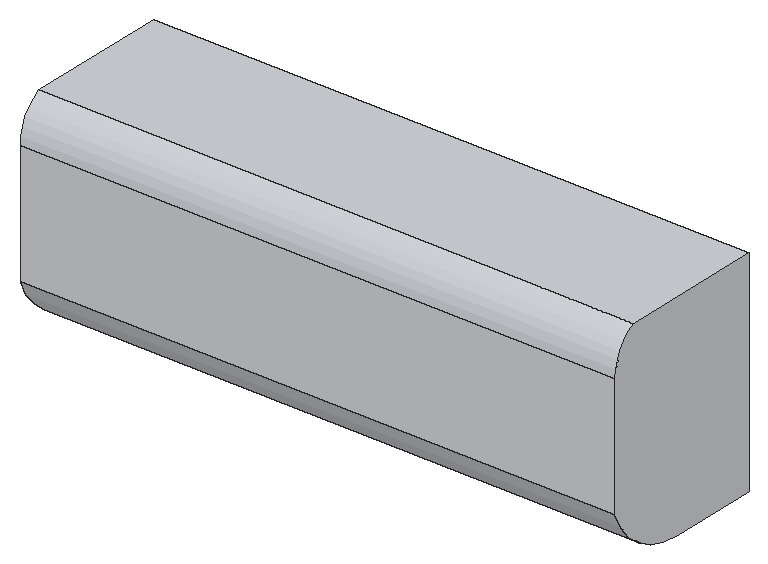
Revit family "Hitachi_RAS-25YHA5_RAS-35YHA6_1116", category Mechanical Equipment, Revit 2013
Parameters (values of type "RAS-35YHA6")
  Width = 780 mm  # constant formula
  Weight (kg) = 7.5
  URL = "www.temperzone.biz"
  Pipe Length (min./max.) = "2m to 30m"
  Pipe Height (max.) = "10m"
  Pipe Connection Size - Gas = 9.5 mm  # 9.50 mm
  Pip Connection Size - Liquid = 6.4 mm  # 6.40 mm
  Model - Outdoor = "RAC-35YHA6"
  Model = "RAS-35YHA6"
  Manufacturer = "Hitachi"  # constant formula
  Height = 280 mm  # constant formula
  Heating Range (kW) = "1.1 kW to 5.5 kW"
  Heating Capacity = 4 kW
  Energy Star = yes
  Description = "Hitachi Wall Mounted 3.5kW Heatpump RAS-35YHA6"
  Depth = 218 mm  # constant formula
  Cooling Range (kW) = "1.1 kW to 4.2 kW"
  Cooling Capacity = 3.5 kW
Types (2, lengths in mm): name | Model - Outdoor | Model | Heating Range (kW) | Heating Capacity | Description | Cooling Range (kW) | Cooling Capacity
  RAS-35YHA6 | "RAC-35YHA6" | "RAS-35YHA6" | "1.1 kW to 5.5 kW" | 4 kW | "Hitachi Wall Mounted 3.5kW Heatpump RAS-35YHA6" | "1.1 kW to 4.2 kW" | 3.5 kW
  RAS-25YHA5 | "RAC-25YHA5" | "RAS-25YHA5" | "1.0 kW to 4.4 kW" | 3.2 kW | "Hitachi Wall Mounted 2.5kW Heatpump RAS-25YHA5" | "1.0 kW to 3.2 kW" | 2.5 kW
Reference planes
  plane 1 "Center (Front/Back)": y = 0
  plane 2: z = 0
  plane 3 "Center (Left/Right)": x = 0
  plane 4: x = -390
  plane 5: x = 390
  plane 6: z = 280
  plane 7: y = -218
Forms (mm)
  Extrusion 1, solid
    sketch origin (0, 0, 0) x (0, 1, 0) y (0, 0, 1)
      loop
        line (0, 280) -> (-188, 280)
        arc (-188, 280) -> (-210.234, 258.196) -> (-218, 228.038) r 58.047
        line (-218, 228.038) -> (-218, 68.038)
        arc (-218, 68.038) -> (-178.473, 17.846) -> (-117.129, 0) r 104.613
        line (-117.129, 0) -> (0, 0) -> (0, 280)
    from -390 to 390
Dimensions and locks
  equal spacing: plane 4, plane 3 "Center (Left/Right)", plane 5
  "Width": plane 4 to plane 5
  "Depth": plane 7 to plane 1 "Center (Front/Back)"
  "Height": plane 6 to plane 2
  aligned and locked: level to plane 2
  aligned and locked: plane 5 to Extrusion 1
  aligned and locked: Extrusion 1 to plane 4
Automatic sketch dimensions
  Extrusion 1 sketch curve to plane 7 = 0 mm
  Extrusion 1 sketch curve to plane 6 = 0 mm
  Extrusion 1 sketch curve to plane 1 "Center (Front/Back)" = 0 mm
  plane 7 to Extrusion 1 sketch curve = 30 mm
  plane 7 to Extrusion 1 sketch curve = 100.871 mm
  Extrusion 1 sketch curve to plane 6 = 50.828 mm
  Extrusion 1 sketch curve to Extrusion 1 sketch curve = 28.036 mm
  plane 7 to Extrusion 1 sketch curve = 98.026 mm
  Extrusion 1 sketch curve to level = 0 mm
  level to Extrusion 1 sketch curve = 68.038 mm
